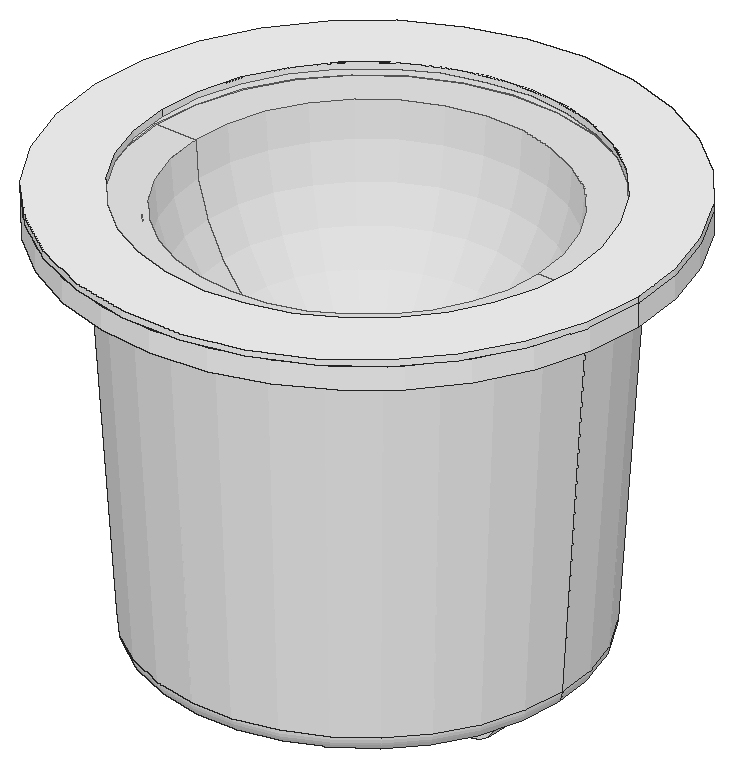
Revit family "2058896 Feilo Sylvania Lighting Fixture MYRD IP FL 3K PHDM BLK WBEZ", category Lighting Fixtures, host Face, Revit 2017
Family settings
  Host = Face
  Round Connector Dimension = Use Diameter
  Part Type = Normal
  OmniClass Number = 23.80.70.11.17
  OmniClass Title = Specialized Lighting by Location or Use
  Cut with Voids When Loaded = No
  Light Source = Yes
  Shared = No
  Room Calculation Point = No
Parameters
  Weight = "0.44 kg"
  Wattage = 10 W
  WarrantyStartDate [instance] = "n/a"
  WarrantyGuarantorParts = "n/a"
  WarrantyDurationUnit = "n/a"
  WarrantyDurationParts = "n/a"
  WarrantyDescription = "n/a"
  built-in parameter 1150110 = 1 (stored number, unit not read)
  Voltage = 230 V
  URL = "http://www.sylvania-lighting.com"
  TypeName = "MYRD IP FL 3K PHDM BLK WBEZ"
  Type Image = 0
  Type Comments = ""
  built-in parameter 1114217 = 1 (stored number, unit not read)
  Tilt Angle = -90°
  built-in parameter 1150109 = 1 (stored number, unit not read)
  built-in parameter 1150134 = (empty or 0)
  built-in parameter 1150113 = 1 (stored number, unit not read)
  SerialNumber [instance] = "n/a"
  Reflector Radius = Cutout Diameter / 2 - 2.5 mm  # 35.0 mm
  Reflector Material = Aluminum_Sylvania_Myriad_Bright
  Recessed Depth = Height  # 72.0 mm
  PowerFactor = 0
  PowerConsumption = "10 W"
  Photometric Web File = ""
  NominalWidth = 0.0 mm
  NominalLength = 76.0 mm
  NominalHeight = 72.0 mm
  Name = "MYRD IP FL 3K PHDM BLK WBEZ"
  ModelReference = "MYRD IP FL 3K PHDM BLK WBEZ"
  ModelNumber = "2058896"
  Material = "Aluminium"
  ManufacturerName = "Feilo Sylvania"
  LuminousEfficacy = "99 lm/W"
  LuminaireType = "Ceiling recessed"
  LightOutputRatio = "1"
  LampsType = Lamp  # "LED"
  LampNominalLuminous = "988 lm"
  LampMacAdamStep = "n/a"
  LampColourTemperature = "3000 K"
  LampColourRenderingIndex = "n/a"
  Keynote = "16500"
  Keynote_2 = "16500"
  InstallationDate [instance] = "n/a"
  InputVoltage = "230-240V~"
  InputNominalFrequency = "50/60 Hz"
  IngressProtection = "IP65"
  ImpactProtectionIndex = "IK02"
  IfcExportType = "IfcLightFixtureType"
  IfcExportAs = "IfcLightFixtureType"
  Height = 72.0 mm  # constant formula
  ExpectedLife = 50000
  Emit from Circle Diameter = Accessory Inner Diameter 2  # 68.0 mm
  Emit Shape Visible in Rendering = no
  ElectricShockClassification = "Class II"
  DurationUnit = "hours"
  DocumentationLiterature = "http://www.sylvania-lighting.com/product/en-int/products/2058896"
  DimmingControlOptions = "Dimmable"
  Diffuser Material = Glass_Sylvania_Myriad_Clear_4000K
  Diffuser Diameter = Cutout Diameter  # 75.0 mm
  Cutout Diameter = 75.0 mm  # constant formula
  CreatedOn = "03-11-2017"
  CreatedBy = ""
  Cost = 0
  built-in parameter 1114216 [instance] = 1 (stored number, unit not read)
  built-in parameter 1150142 = (empty or 0)
  Model = "MYRD IP FL 3K PHDM BLK WBEZ"
  Manufacturer = "Feilo Sylvania"  # constant formula
  built-in parameter 1150105 = 78.782 (stored number, unit not read)
  Lumens = 990 lm
  built-in parameter 1150115 = 1 (stored number, unit not read)
  built-in parameter 1150137 = (empty or 0)
  built-in parameter 1150139 = (empty or 0)
  built-in parameter 1150112 = 1 (stored number, unit not read)
  built-in parameter 1150114 = 1 (stored number, unit not read)
  Lamp = "LED"
  built-in parameter 1150132 = (empty or 0)
  built-in parameter 1150102 = (empty or 0)
  built-in parameter 1150107 = 3000 (stored number, unit not read)
  built-in parameter 1150138 = (empty or 0)
  built-in parameter 1150106 = 0.78782 (stored number, unit not read)
  built-in parameter 1150104 = 9.1974 (stored number, unit not read)
  Dimming Lamp Color Temperature Shift = (empty or 0)
  Description = "Supplied complete with electronic control gear Compact Fluorescent low energy downlight Emergency version passes through the cut out Ideal for low level orientation lighting New range of Architectural accessories each providing a different lit dimension New completely flush plaster up accessory ring for clean ceiling lines and smooth finish Order lamp separately"  # constant formula
  Default Elevation = 0.0 mm
  Color Filter = 16777215
  built-in parameter 1140040 [instance] = 1
  Body Radius = Reflector Radius + 1.5 mm  # 36.5 mm
  Body Material = Aluminum_Sylvania_Myriad_Gray
  BarCode [instance] = "n/a"
  built-in parameter 1114218 = 1 (stored number, unit not read)
  built-in parameter 1150133 = 10 (stored number, unit not read)
  AssetType = "Fixed"
  AssetIdentifier [instance] = "n/a"
  Assembly Code = "D5020200"
  Apparent Load = 10 VA
  Accessory Material = Aluminum_Sylvania_Myriad_White
  Accessory Inner Diameter 2 = Accessory Diameter - 22.0 mm  # 68.0 mm
  Accessory Inner Diameter 1 = Accessory Diameter - 2.0 mm  # 88.0 mm
  Accessory Diameter = Cutout Diameter + 15.0 mm  # 90.0 mm
Reference planes
  plane 1 "Center (Front/Back)": y = 0
  plane 2: z = 0
  plane 3 "Center (Left/Right)": x = 0
  plane 4: z = 2
  plane 5 "Fixture Bottom": z = 4.5
  plane 6: z = -28.5
  plane 7: z = -61.5
  plane 8 "Fixture Top": z = -67.5
  plane 9: z = 3.5
Forms (mm)
  Revolve 1, solid, material "Aluminum_Sylvania_Myriad_Bright" <- "Reflector Material", detail levels fine
    sketch origin (0, 0, 0) x (1, 0, 0) y (0, 0, 1)
      loop
        line (0, -27.515) -> (-6, -27.515)
        arc (-6, -27.515) -> (-22.333, -16.632) -> (-28.5, 2) r 30.135
        line (-28.5, 2) -> (-35, 2) -> (-35, 0) -> (-29.184, 0)
        arc (-29.184, 0) -> (-22.423, -18.18) -> (-6, -28.5) r 30.204
        line (-6, -28.5) -> (0, -28.5) -> (0, -27.515)
      axis (0, -28.5) -> (0, 2)
    angle from 0 to 360
  Revolve 2, solid, material "Aluminum_Sylvania_Myriad_Gray" <- "Body Material", detail levels fine
    sketch origin (0, 0, 0) x (1, 0, 0) y (0, 0, 1)
      loop
        line (-44, 2) -> (-44, 0) -> (-36.5, 0) -> (-32.42, -58.708)
        arc (-32.42, -58.708) -> (-31.474, -60.694) -> (-29.428, -61.5) r 3
        line (-29.428, -61.5) -> (0, -61.5) -> (0, -28.5) -> (-6, -28.5)
        arc (-6, -28.5) -> (-22.423, -18.18) -> (-29.184, 0) r 30.204
        line (-29.184, 0) -> (-35, 0) -> (-35, 2) -> (-44, 2)
      axis (0, 2) -> (0, -61.5)
    angle from 0 to 360
  Extrusion 3, solid, material "Aluminum_Sylvania_Myriad_Gray" <- "Body Material", detail levels fine
    sketch origin (0, 0, 0) x (1, 0, 0) y (0, 0, 1)
      loop
        line (-13.5, -67.5) -> (21, -67.5)
        arc (21, -67.5) -> (23.828, -66.328) -> (25, -63.5) r 4
        line (25, -63.5) -> (25, -61.5) -> (-17.5, -61.5) -> (-17.5, -63.5)
        arc (-17.5, -63.5) -> (-16.328, -66.328) -> (-13.5, -67.5) r 4
    from -4.5 to 4.5
  Extrusion 4, solid, material "Aluminum_Sylvania_Myriad_White" <- "Accessory Material", detail levels fine
    sketch origin (0, 0, 0) x (1, 0, 0) y (0, 1, 0)
      loop
        circle (0, 0) r 45
      loop
        circle (0, 0) r 44
    from 0 to 3.5
  Extrusion 5, solid, material "Aluminum_Sylvania_Myriad_White" <- "Accessory Material", detail levels fine
    sketch origin (0, 0, 0) x (1, 0, 0) y (0, 1, 0)
      loop
        circle (0, 0) r 45
      loop
        circle (0, 0) r 34
    from 3.5 to 4.5
  Extrusion 6, solid, material "Aluminum_Sylvania_Myriad_White" <- "Accessory Material", detail levels coarse+medium
    sketch origin (0, 0, 0) x (1, 0, 0) y (0, 1, 0)
      loop
        circle (0, 0) r 45
    from 0 to 4.5
  Revolve 7, solid, detail levels coarse+medium
    sketch origin (0, 0, 0) x (1, 0, 0) y (0, 0, 1)
      loop
        line (36.5, 0) -> (0, 0) -> (0, -61.5) -> (32.226, -61.5) -> (36.5, 0)
      axis (0, 0) -> (0, -61.5)
    angle from 0 to 360
  Extrusion 8, void
    sketch origin (0, 0, 0) x (1, 0, 0) y (0, 1, 0)
      loop
        circle (0, 0) r 37.5
    from -67.5 to 0
  Extrusion 9, solid, material "Glass_Sylvania_Myriad_Clear_4000K" <- "Diffuser Material", detail levels fine
    sketch origin (0, 0, 0) x (1, 0, 0) y (0, 1, 0)
      loop
        circle (0, 0) r 37.5
    from 2 to 3.5
Cuts and joins
  joined: Extrusion 4, Extrusion 5
Lines and regions (mm)
  Masking region 1
    outline origin (0, 0, 0) x (1, 0, 0) y (0, 1, 0)
      loop
        circle (0, 0) r 45
  symbolic lines
    curve 1: arc (-34, 0, 0) -> (0, 34, 0) -> (34, 0, 0) r 34
    curve 2: arc (34, 0, 0) -> (0, -34, 0) -> (-34, 0, 0) r 34
Dimensions and locks
  locked: plane 7 to plane 8 "Fixture Top" at 6
  "Body Radius": Revolve 7 sketch curve to plane 3 "Center (Left/Right)"
  locked: Revolve 7 sketch curve to Revolve 7 sketch curve at 4.274
  plane 5 "Fixture Bottom" to plane 9 to plane 4 to plane 2 to plane 6 = 1.0 mm locked, 1.5 mm locked, 2.0 mm locked, 28.5 mm locked
  "Reflector Radius": Revolve 1 sketch curve to plane 3 "Center (Left/Right)"
  Revolve 1 sketch curve to Revolve 1 sketch curve to Revolve 1 sketch curve to Revolve 1 sketch curve = 6.5 mm locked, 22.5 mm locked, 0.0 mm locked
  "Reflector Radius": plane 3 "Center (Left/Right)" to Revolve 2 sketch curve
  Revolve 2 sketch curve to Revolve 2 sketch curve to Revolve 2 sketch curve = 7.5 mm locked, 1.5 mm locked
  Revolve 2 sketch curve to Revolve 2 sketch curve to Revolve 2 sketch curve = 5.816 mm locked, 23.184 mm locked
  Revolve 2 sketch curve to Revolve 2 sketch curve to Revolve 2 sketch curve = 2.58 mm locked, 2.993 mm locked
  "Accessory Diameter": diameter of Extrusion 4 sketch curve
  "Accessory Inner Diameter 1": diameter of Extrusion 4 sketch curve
  "Accessory Diameter": diameter of Extrusion 5 sketch curve
  "Accessory Diameter": diameter of Extrusion 6 sketch curve
  "Cutout Diameter": diameter of Extrusion 8 sketch curve
  "Accessory Inner Diameter 2": diameter of Extrusion 5 sketch curve
  "Diffuser Diameter": diameter of Extrusion 9 sketch curve
  aligned and locked: plane 2 to host face
  aligned and locked: level to host face
  aligned and locked: plane 1 "Center (Front/Back)" to imposter light
  aligned and locked: plane 3 "Center (Left/Right)" to imposter light
  aligned and locked: Revolve 1 sketch curve to imposter light
  aligned and locked: Extrusion 3 sketch curve to plane 8 "Fixture Top"
  aligned and locked: plane 7 to Extrusion 3 sketch curve
  aligned and locked: Extrusion 4 to plane 2
  aligned and locked: plane 9 to Extrusion 4
  aligned and locked: Extrusion 5 to plane 9
  aligned and locked: plane 5 "Fixture Bottom" to Extrusion 5
  aligned and locked: Extrusion 6 to plane 2
  aligned and locked: plane 5 "Fixture Bottom" to Extrusion 6
  aligned and locked: Extrusion 8 to plane 8 "Fixture Top"
  aligned and locked: plane 2 to Extrusion 8
  aligned and locked: Masking region 1 sketch curve to Extrusion 6  (x2)
  aligned and locked: Extrusion 9 to plane 4
  aligned and locked: plane 9 to Extrusion 9
  aligned and locked: plane 4 to Revolve 2 sketch curve
  aligned and locked: Revolve 2 sketch curve to plane 2
  aligned and locked: curve 1 to cut or joined group of Extrusion 4, Extrusion 5
  aligned and locked: curve 2 to cut or joined group of Extrusion 4, Extrusion 5
  aligned and locked: imposter light to plane 5 "Fixture Bottom"
Automatic sketch dimensions
  host sketch curve to host sketch curve = 1305.563 mm
  host sketch curve to host sketch curve = 1283.632 mm
  Extrusion 3 sketch curve to plane 7 = 2.0 mm
  Extrusion 3 sketch curve to plane 3 "Center (Left/Right)" = 13.5 mm
  plane 3 "Center (Left/Right)" to Extrusion 3 sketch curve = 21.0 mm
  Extrusion 3 sketch curve to Extrusion 3 sketch curve = 4.0 mm
  Revolve 1 sketch curve to level = 0.0 mm
  Revolve 1 sketch curve to plane 3 "Center (Left/Right)" = 0.0 mm
  Revolve 1 sketch curve to plane 6 = 0.0 mm
  Revolve 1 sketch curve to plane 4 = 0.0 mm
  Revolve 1 sketch curve to Revolve 1 sketch curve = 0.684 mm
  level to Revolve 1 sketch curve = 0.88 mm
  Revolve 1 sketch curve to plane 4 = 0.363 mm
  Revolve 1 sketch curve to Revolve 1 sketch curve = 0.625 mm
  Revolve 1 sketch curve to plane 8 "Fixture Top" = 232.8 mm
  plane 5 "Fixture Bottom" to Revolve 1 sketch curve = 291.243 mm
  Revolve 2 sketch curve to plane 3 "Center (Left/Right)" = 0.0 mm  (x2)
  Revolve 2 sketch curve to plane 7 = 0.0 mm
  Revolve 2 sketch curve to plane 6 = 0.0 mm
  Revolve 2 sketch curve to level = 0.0 mm
  level to Revolve 2 sketch curve = 0.88 mm
  plane 7 to Revolve 2 sketch curve = 2.792 mm
  Revolve 2 sketch curve to plane 8 "Fixture Top" = 304.774 mm
  plane 5 "Fixture Bottom" to Revolve 2 sketch curve = 1137.105 mm
  Extrusion 4 sketch curve to Extrusion 4 sketch curve = 0.0 mm  (x2)
  plane 1 "Center (Front/Back)" to Extrusion 4 sketch curve = 0.0 mm
  Extrusion 4 sketch curve to plane 3 "Center (Left/Right)" = 0.0 mm
  Extrusion 5 sketch curve to Extrusion 5 sketch curve = 0.0 mm  (x2)
  plane 1 "Center (Front/Back)" to Extrusion 5 sketch curve = 0.0 mm
  Extrusion 5 sketch curve to plane 3 "Center (Left/Right)" = 0.0 mm
  plane 1 "Center (Front/Back)" to Extrusion 6 sketch curve = 0.0 mm
  Extrusion 6 sketch curve to plane 3 "Center (Left/Right)" = 0.0 mm
  Revolve 7 sketch curve to level = 0.0 mm
  Revolve 7 sketch curve to plane 3 "Center (Left/Right)" = 0.0 mm  (x2)
  Revolve 7 sketch curve to plane 7 = 0.0 mm
  Revolve 7 sketch curve to plane 8 "Fixture Top" = 304.774 mm
  plane 5 "Fixture Bottom" to Revolve 7 sketch curve = 43.226 mm
  plane 1 "Center (Front/Back)" to Extrusion 8 sketch curve = 0.0 mm
  Extrusion 8 sketch curve to plane 3 "Center (Left/Right)" = 0.0 mm
  plane 1 "Center (Front/Back)" to Extrusion 9 sketch curve = 0.0 mm
  Extrusion 9 sketch curve to plane 3 "Center (Left/Right)" = 0.0 mm
Connectors
  electrical at (-0.006, -0.019, -67.5), driven by "Apparent Load", driven by "Apparent Load"
    settings: on plane 8 "Fixture Top", index 1, voltage 230 V, apparent load 10 VA, apparent load phase1 10 VA, apparent load phase2 0 VA, apparent load phase3 0 VA, power factor 1, load classification "Lighting", number of poles 1, system type 30, power factor state 1, is connector primary yes, connector utility no, sub classification motor no, connector description ""
